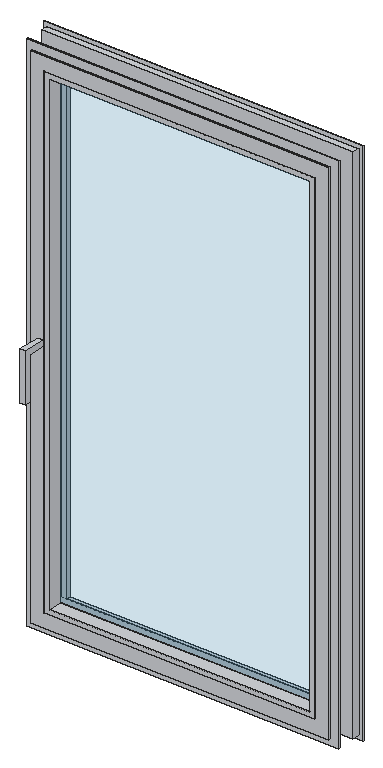
Revit family "C_Reynaers_SL38 Ferro_Window Inward Opening_Single", category Windows, host Wall, Revit 2015
Parameters (values of type "Frame 38.5")
  Youtube clip = ""
  Width INT [instance] = 1000 mm
  Width EXT [instance] = 900 mm
  Weight Net (Kg) = 0
  Wall Exterior Width = 90 mm
  Uniclass 2.0 Description = "Windows"
  Uniclass 2.0 Code = "PR-59-97"
  Uniclass 1.4 Description = "Windows"
  Uniclass 1.4 Code = "JL10"
  URL = "http://www.reynaers.com/architects/products/sl-38"
  UNSPSC Code = "301716"
  Technical description = ""
  Region South America = "None"
  Region Oceania = "None"
  Region North America = "None"
  Region Middle East = "None"
  Region Europe = "AD, AL, AT, AX, BA, BE, BG, BY, CH, CS, CY, CZ, DE, DK, EE, ES, FI, FO, FR, GB, GG, GI, GR, HR, HU, IE, IM, IS, IT, JE, LI, LT, LU, LV, MC, MD, ME, MK, MT, NL, NO, PL, PT, RO, RS, RU, SE, SI, SJ, SK, SM, UA, VA, XK"
  Region Asia = "None"
  Region Antarctica = "None"
  Region Africa = "None"
  REY Website = "www.reynaers.com"
  REY Vent Width = 22 mm + 11.6 mm - 4.5 mm  # 29.1 mm
  REY Vent & Gap = REY Vent Width + REY Gap Width  # 33.6 mm
  REY Sill Height = 35 mm
  REY Sill H = if(REY Sill, REY Sill Height, 0 mm)  # 0 mm
  REY Sill = no
  REY Shutter Roll Material = none
  REY Shutter Roll Height = 200 mm
  REY Shutter Position = if(BE, 0 mm, REY Butt Strip Width)  # 10 mm
  REY Shutter Height = if(REY Shutter, REY Shutter Roll Height, 0 mm)  # 0 mm
  REY Shutter Depth = if(REY Shutter, 59 mm, 0 mm)  # 0 mm
  REY Shutter = no
  REY Rebate TOP B = if(BE, REY Rebate, 0 mm)  # 0 mm
  REY Rebate TOP A = if(NL, REY Rebate, 0 mm)  # 10 mm
  REY Rebate B = if(BE, REY Rebate, 0 mm)  # 0 mm
  REY Rebate A = if(NL, REY Rebate, 0 mm)  # 10 mm
  REY Rebate = 10 mm  # constant formula
  REY Profile Rebate = 25 mm
  REY Profile Color OUT [instance] = none
  REY Profile Color IN [instance] = none
  REY Panel Tickness [instance] = 24 mm
  REY Panel Material [instance] = Glass
  REY Panel Height [instance] = 1368.002 mm
  REY Panel Coverage = 13.601 mm
  REY Panel 1 Width [instance] = 763.002 mm
  REY Panel 1 Opening Direction Turn DIN R [instance] = yes
  REY Panel 1 Opening Direction Turn DIN L [instance] = no
  REY Panel 1 Opening Direction Tilt [instance] = yes
  REY Offset Wall Ext Int B = if(BE, REY Offset Wall Ext Int, 50 mm)  # 50 mm
  REY Offset Wall Ext Int A = if(NL, REY Offset Wall Ext Int, 0 mm)  # 0 mm
  REY Offset Wall Ext Int = 0 mm  # constant formula
  REY Joint Width B = if(BE, REY Joint Width, 0 mm)  # 0 mm
  REY Joint Width A = if(NL, REY Joint Width, 0 mm)  # 50 mm
  REY Joint Width = 50 mm  # constant formula
  REY Joint Bottom = 5 mm
  REY Gap Width = 4.5 mm
  REY Frame Width = 38.5 mm
  REY Fixation Bottom = 33 mm
  REY FERRO [instance] = yes
  REY Element Width [instance] = 900 mm
  REY Element Height [instance] = 1495 mm
  REY Design = 0 mm  # constant formula
  REY CUBIC [instance] = no
  REY Butt Strip Width = 10 mm
  REY Built-In Depth = 85.9 mm
  QR code = "http://bimobject.com/reynaers/product/Reynaers_window_Slim_Line_38"
  Product group = "Windows Aluminium"
  Product family = "Windows & Doors"
  Product data url = "https://bimobject.com/reynaers/product/Reynaers_window_Slim_Line_38"
  Product certification = ""
  Product SKU = "Reynaers_window_Slim_Line_38"
  Product Guid = "e351ed82-0458-4031-8220-8276baccd360"
  OmniClass Description = ""
  OmniClass Code = ""
  Nominal width = 0
  Nominal height = 0
  NL = yes
  NBS Reference Description = "Windows"
  NBS Reference Code = "59-97"
  Material secondary = "Aluminium"
  Material main = "Aluminium"
  Manufacturer name = "Reynaers"
  Manufacturer country = "Belgium"
  Manufacturer = "Reynaers"
  Installation instructions = ""
  IFC Classification = "Window"
  Height INT [instance] = 1578 mm
  Height EXT [instance] = 1500 mm
  Height [instance] = Height EXT  # 1500 mm
  Edition number = 1
  EAN code = ""
  Design country = "Belgium"
  Default Sill Height = 800 mm
  Wall Closure = By host
  Width [instance] = Width EXT  # 900 mm
  Date of publishing = "2015-11-19"
  COBIe Type Category = ""
  BIMobject category = "Windows"
  BE = no
  Analytic Construction = "<None>"
Reference planes
  plane 1 "Center (Front/Back)": y = 0
  plane 2 "Center (Left/Right)": x = 0
  plane 3 "REY L EXT": x = -450
  plane 4 "REY R EXT": x = 450
  plane 5 "Sill": z = 800
  plane 6 "REY Top EXT": z = 2300
  plane 7 "Exterior": y = 150
  plane 8 "Interior": y = -150
  plane 9 "REY Profile L": x = -440
  plane 10 "REY Profile Temp": x = -450
  plane 11 "REY L INT Temp": x = -500
  plane 12 "Wall Exterior Width": y = 60
  plane 13 "REY L INT": x = -500
  plane 14 "REY R INT Temp": x = 500
  plane 15 "REY R INT": x = 500
  plane 16 "REY Top INT": z = 2350
  plane 17 "REY Top INT Temp": z = 2350
  plane 18 "REY Sill Bottom": z = 805
  plane 19 "REY Profile Bottom": z = 805
  plane 20 "REY Bottom INT": z = 772
  plane 21 "REY Shutter TOP": z = 2350
  plane 22 "REY Profile TOP": z = 2290
  plane 23 "REY Profile TOP Temp": z = 2300
  plane 24 "REY Profile Joint Temp": y = 60
  plane 25 "REY Profile Joint": y = 110
  plane 26 "REY Built-In-Depth": y = 24.1
  plane 27 "REY Frame L": x = -401.5
  plane 28 "REY Gap L": x = -397
  plane 29 "REY Vent L": x = -367.9
  plane 30 "REY Panel L": x = -381.501
  plane 31 "REY Profile A Rebate": x = -465
  plane 32 "REY Shutter": y = 110
  plane 33 "REY Profile Design": y = 110
  plane 34 "REY Panel OUT": y = 86
  plane 35 "REY Panel IN": y = 62
  plane 36 "REY Gap Bottom": z = 848
  plane 37 "REY Frame Bottom": z = 843.5
  plane 38 "REY Vent Bottom": z = 877.1
  plane 39 "REY Profile R": x = 440
  plane 40 "REY Panel Bottom": z = 863.499
  plane 41 "Mid Window": z = 1552.5
  plane 42 "REY Panel TOP": z = 2231.501
  plane 43 "REY Gap TOP": z = 2247
  plane 44 "REY Frame TOP": z = 2251.5
  plane 45 "REY Vent TOP": z = 2217.9
  plane 46 "REY Shutter Position L": x = -450
  plane 47 "REY Shutter Position R": x = 450
  plane 48 "REY A Butt-Strip": x = -450
  plane 49 "REY Shutter Position TOP": z = 2300
  plane 50 "REY Frame R": x = 401.5
  plane 51 "REY GAP R": x = 397
  plane 52 "REY Vent R": x = 367.9
  plane 53 "REY Panel R": x = 381.501
  plane 54 "REY MID 1/2": x = 0
  plane 55 "REY Profil Design Step 1": y = 97
  plane 56 "REY Profil Design Step 2": y = 86
  plane 57: x = -419
  plane 58: x = -367
  plane 59 "REY Panel MID": y = 74
Forms (mm)
  Extrusion 1, void
    sketch origin (0, 0, 800) x (0, -1, 0) y (1, 0, 0)
      loop
        line (-150, -450) -> (-60, -450) -> (-60, 450) -> (-150, 450) -> (-150, -450)
    from 0 to 1500
  Extrusion 2, void
    sketch origin (0, 0, 800) x (0, -1, 0) y (1, 0, 0)
      loop
        line (-60, -500) -> (150, -500) -> (150, 500) -> (-60, 500) -> (-60, -500)
    from -28 to 1550
  Sweep 3, solid, material <- "REY Profile Color OUT", visible <- "REY CUBIC"
    path origin (0, 110, 0) x (-1, 0, 0) y (0, 0, 1)
      loop
        line (-367.9, 877.1) -> (367.9, 877.1) -> (367.9, 2217.9) -> (-367.9, 2217.9) -> (-367.9, 877.1)
    profile origin (-367.9, 110, 1547.5) x (0, 1, 0) y (-1, 0, 0)
      loop
        line (-24, 0) -> (-13, 0) -> (-13, 18.621) -> (-10.5, 21.6) -> (-13, 21.6) -> (-13, 29.1) -> (-24, 29.1) -> (-24, 0)
  Sweep 4, solid, material <- "REY Profile Color IN"
    path origin (0, 24.1, 0) x (-1, 0, 0) y (0, 0, 1)
      loop
        line (367.9, 877.1) -> (367.9, 2217.9) -> (-367.9, 2217.9) -> (-367.9, 877.1) -> (367.9, 877.1)
    profile origin (-367.9, 24.1, 1547.5) x (1, 0, 0) y (0, 1, 0)
      loop
        line (-52.6, 4) -> (-52.6, 0) -> (-15, 0) -> (-15, 4) -> (-52.6, 4)
      loop
        line (-14, 37.9) -> (-14, 0) -> (0, 0) -> (0, 37.9) -> (-14, 37.9)
  Extrusion 5, solid, material "Glass" <- "REY Panel Material"
    sketch origin (0, 0, 863.499) x (0, 1, 0) y (-1, 0, 0)
      loop
        line (62, 381.501) -> (62, -381.501) -> (86, -381.501) -> (86, 381.501) -> (62, 381.501)
    from 13.601 to 1354.401
  Extrusion 6, solid, material <- "REY Profile Color OUT", visible <- "REY Shutter"
    sketch origin (0, 0, 800) x (0, -1, 0) y (1, 0, 0)
      loop
        line (-110, 450) -> (-169, 450) -> (-169, 421.665) -> (-164.8, 421.665) -> (-164.8, 448.165) -> (-146.8, 448.165) -> (-146.8, 421.665) -> (-110, 421.665) -> (-110, 450)
    from 0 to 1490
  Extrusion 7, solid, material <- "REY Profile Color IN", visible <- "REY Sill"
    sketch origin (440, 0, 0) x (0, 1, 0) y (0, 0, -1)
      loop
        line (110, -805) -> (110, -781) -> (58.3, -781) -> (58.3, -775) -> (110, -773) -> (110, -770) -> (34.1, -770) -> (34.1, -805) -> (110, -805)
    from 0 to 880
  Sweep 8, solid, material <- "REY Profile Color OUT", visible <- "NL"
    path origin (0, 110, 0) x (-1, 0, 0) y (0, 0, 1)
      loop
        line (440, 805) -> (440, 2290) -> (-440, 2290) -> (-440, 805) -> (440, 805)
    profile origin (-440, 110, 1547.5) x (1, 0, 0) y (0, 1, 0)
      loop
        line (0, 0) -> (-10, 0) -> (-10, -3.8) -> (0, -3.8) -> (0, 0)
  Extrusion 9, solid, material <- "REY Profile Color OUT", visible <- "REY Shutter"
    sketch origin (440, 0, 0) x (0, 1, 0) y (0, 0, -1)
      loop
        line (110, -2283.8) -> (110, -2285.4) -> (131.9, -2285.4)
        arc (131.9, -2285.4) -> (134.728, -2286.572) -> (135.9, -2289.4) r 4
        line (135.9, -2289.4) -> (135.9, -2316.4)
        arc (135.9, -2316.4) -> (132.707, -2324.107) -> (125, -2327.3) r 10.9
        line (125, -2327.3) -> (125, -2328.9)
        arc (125, -2328.9) -> (133.839, -2325.239) -> (137.5, -2316.4) r 12.5
        line (137.5, -2316.4) -> (137.5, -2289.4)
        arc (137.5, -2289.4) -> (135.86, -2285.44) -> (131.9, -2283.8) r 5.6
        line (131.9, -2283.8) -> (110, -2283.8)
    from 0 to 880
  Extrusion 10, solid, material <- "REY Shutter Roll Material", visible <- "REY Shutter"
    sketch origin (440, 0, 0) x (0, 1, 0) y (0, 0, -1)
      loop
        line (60, -2350) -> (-150, -2350) -> (-150, -2360) -> (60, -2360) -> (60, -2350)
    from -60 to 940
  Extrusion 11, solid, material <- "REY Profile Color OUT", visible <- "REY Shutter"
    sketch origin (0, 0, 800) x (0, -1, 0) y (1, 0, 0)
      loop
        line (-110, -450) -> (-110, -421.665) -> (-146.8, -421.665) -> (-146.8, -448.165) -> (-164.8, -448.165) -> (-164.8, -421.665) -> (-169, -421.665) -> (-169, -450) -> (-110, -450)
    from 0 to 1500
  Sweep 12, solid, material <- "REY Profile Color OUT"
    path origin (0, 110, 0) x (-1, 0, 0) y (0, 0, 1)
      loop
        line (-440, 2290) -> (-440, 805) -> (440, 805) -> (440, 2290) -> (-440, 2290)
    profile origin (-440, 110, 1547.5) x (0, 1, 0) y (-1, 0, 0)
      loop
        line (0, 0) -> (-24, 0) -> (-24, -38.5) -> (0, -38.5) -> (0, 0)
  Sweep 13, solid, material <- "REY Profile Color IN"
    path origin (0, 24.1, 0) x (-1, 0, 0) y (0, 0, 1)
      loop
        line (440, 805) -> (440, 2290) -> (-440, 2290) -> (-440, 805) -> (440, 805)
    profile origin (-440, 24.1, 1547.5) x (0, 1, 0) y (-1, 0, 0)
      loop
        line (14, 0) -> (10, 0) -> (10, -24.5) -> (14, -24.5) -> (14, 0)
  Sweep 14, solid, visible <- "REY FERRO"
    path origin (0, 110, 0) x (-1, 0, 0) y (0, 0, 1)
      loop
        line (367.9, 877.1) -> (367.9, 2217.9) -> (-367.9, 2217.9) -> (-367.9, 877.1) -> (367.9, 877.1)
    profile origin (-367.9, 110, 1547.5) x (1, 0, 0) y (0, 1, 0)
      loop
        line (0, -24) -> (0, -13) -> (-16.6, -13) -> (-16.6, 0) -> (-21.6, 0) -> (-21.6, -13) -> (-29.1, -13) -> (-29.1, -24) -> (0, -24)
Lines and regions (mm)
  symbolic lines, style "Windows"
    curve 1: line (-401.5, 110, 800) -> (-440, 110, 800)
    curve 2: line (-401.5, 86, 800) -> (-401.5, 110, 800)
    curve 3: line (-415.5, 86, 800) -> (-415.5, 34.1, 800)
    curve 4: line (-401.5, 86, 800) -> (-415.5, 86, 800)
    curve 5: line (-415.5, 34.1, 800) -> (-440, 34.1, 800)
    curve 6: line (-367.9, 24.1, 800) -> (-420.5, 24.1, 800)
    curve 7: line (-420.5, 24.1, 800) -> (-420.5, 28.1, 800)
    curve 8: line (-420.5, 28.1, 800) -> (-402.885, 28.1, 800)
    curve 9: line (-402.885, 28.1, 800) -> (-397, 28.1, 800)
    curve 10: line (440, 110, 800) -> (440, 34.1, 800)
    curve 11: line (440, 34.1, 800) -> (415.5, 34.1, 800)
    curve 12: line (415.5, 34.1, 800) -> (415.5, 86, 800)
    curve 13: line (420.5, 24.1, 800) -> (367.9, 24.1, 800)
    curve 14: line (420.5, 28.1, 800) -> (420.5, 24.1, 800)
    curve 15: line (402.5, 28.1, 800) -> (420.5, 28.1, 800)
    curve 16: line (-367.9, 97, 800) -> (-367.9, 24.1, 800)
    curve 39: line (-440, 34.1, 800) -> (-440, 110, 800)
    curve 40: line (-367.9, 86, 800) -> (367.9, 86, 800)
    curve 41: line (401.5, 86, 800) -> (401.5, 110, 800)
    curve 42: line (401.5, 86, 800) -> (415.5, 86, 800)
    curve 43: line (397, 28.1, 800) -> (402.5, 28.1, 800)
    curve 49: line (401.5, 110, 800) -> (440, 110, 800)
    curve 54: line (367.9, 62, 800) -> (-367.9, 62, 800)
    curve 55: line (367.9, 24.1, 863.499) -> (367.9, 97, 863.499)
    curve 56: line (397, 28.1, 863.499) -> (397, 97, 863.499)
    curve 57: line (397, 97, 843.5) -> (367.9, 97, 843.5)
    curve 58: line (-367.9, 97, 843.5) -> (-397, 97, 843.5)
    curve 59: line (440, 34.1, 2300) -> (440, 110, 2300)
    curve 60: line (440, 110, 2300) -> (440, 110, 2251.5)
    curve 61: line (440, 34.1, 2300) -> (440, 34.1, 2276)
    curve 62: line (440, 34.1, 2276) -> (440, 86, 2276)
    curve 63: line (440, 86, 2276) -> (440, 86, 2251.5)
    curve 64: line (440, 86, 2251.5) -> (440, 110, 2251.5)
    curve 65: line (440, 24.1, 2305.399) -> (440, 24.1, 2217.9)
    curve 66: line (440, 24.1, 2217.9) -> (440, 97, 2217.5)
    curve 67: line (440, 97, 2217.5) -> (440, 97, 2247)
    curve 68: line (440, 97, 2247) -> (440, 84, 2247)
    curve 69: line (440, 84, 2247) -> (440, 84, 2265)
    curve 70: line (440, 84, 2265) -> (440, 28.1, 2265)
    curve 71: line (440, 28.1, 2265) -> (440, 28.1, 2305.399)
    curve 72: line (440, 28.1, 2305.399) -> (440, 24.1, 2305.399)
    curve 73: line (440, 34.1, 805) -> (440, 110, 805)
    curve 74: line (440, 110, 805) -> (440, 110, 843.5)
    curve 75: line (440, 34.1, 805) -> (440, 34.1, 830)
    curve 76: line (440, 34.1, 830) -> (440, 86, 830)
    curve 77: line (440, 86, 830) -> (440, 86, 843.5)
    curve 78: line (440, 86, 843.5) -> (440, 110, 843.5)
    curve 79: line (440, 24.1, 824) -> (440, 24.1, 877.1)
    curve 80: line (440, 24.1, 877.1) -> (440, 97, 877.1)
    curve 81: line (440, 97, 877.1) -> (440, 97, 870.628)
    curve 82: line (440, 97, 858) -> (440, 97, 848)
    curve 83: line (440, 97, 848) -> (440, 84, 848)
    curve 84: line (440, 84, 848) -> (440, 84, 842)
    curve 85: line (440, 84, 842) -> (440, 28.1, 842)
    curve 86: line (440, 28.1, 842) -> (440, 28.1, 824)
    curve 87: line (440, 28.1, 824) -> (440, 24.1, 824)
    curve 88: line (440, 97, 870.628) -> (440, 97, 858)
    curve 89: line (0, 62, 877.1) -> (0, 62, 2217.9)
    curve 90: line (0, 86, 2217.9) -> (0, 86, 877.1)
    curve 91: line (-397, 97, 800) -> (-397, 28.1, 800)
  symbolic lines, style "Windows", not visible
    curve 17: line (440, 143, 800) -> (440, 110, 800)
  symbolic lines, style "Windows", visible <- "NL"
    curve 18: line (440, 34.1, 0) -> (440, 60, 0)
  symbolic lines, style "REY Draaisymbool Aanzicht Binnen", visible <- "REY Panel 1 Opening Direction Turn DIN R", detail levels medium+fine
    curve 19: line (372.9, 24.1, 2217.9) -> (-367.9, 24.1, 1552.5)
    curve 20: line (-367.9, 24.1, 1552.5) -> (372.9, 24.1, 877.1)
  symbolic lines, style "REY Draaisymbool Aanzicht Binnen", visible <- "REY Panel 1 Opening Direction Tilt", detail levels medium+fine
    curve 21: line (372.9, 24.1, 877.1) -> (0, 24.1, 2217.9)
    curve 53: line (0, 24.1, 2217.9) -> (-367.9, 24.1, 877.1)
  symbolic lines
    curve 22: line (-450, 150, 0) -> (450, 150, 0)
    curve 23: line (500, -150, 0) -> (-500, -150, 0)
  symbolic lines, style "Windows", visible <- "REY Shutter"
    curve 24: line (-440, 169, 800) -> (-421.665, 169, 800)
    curve 25: line (-421.665, 169, 800) -> (-421.665, 164.8, 800)
    curve 26: line (-421.665, 164.8, 800) -> (-448.165, 164.8, 800)
    curve 27: line (-448.165, 164.8, 800) -> (-448.165, 146.8, 800)
    curve 28: line (-448.165, 146.8, 800) -> (-421.665, 146.8, 800)
    curve 29: line (-421.665, 146.8, 800) -> (-421.665, 110, 800)
    curve 30: line (-440, 34.1, 800) -> (-440, 169, 800)
    curve 31: line (421.665, 169, 800) -> (440, 169, 800)
    curve 32: line (421.665, 164.8, 800) -> (421.665, 169, 800)
    curve 33: line (448.165, 164.8, 800) -> (421.665, 164.8, 800)
    curve 34: line (448.165, 146.8, 800) -> (448.165, 164.8, 800)
    curve 35: line (421.665, 146.8, 800) -> (448.165, 146.8, 800)
    curve 36: line (421.665, 110, 800) -> (421.665, 146.8, 800)
    curve 37: line (440, 110, 800) -> (421.665, 110, 800)
    curve 38: line (440, 169, 800) -> (440, 110, 800)
  symbolic lines, style "REY Draaisymbool Aanzicht Binnen", visible <- "REY Panel 1 Opening Direction Turn DIN L"
    curve 44: line (-367.9, 24.1, 2217.9) -> (367.9, 24.1, 1552.5)
    curve 45: line (367.9, 24.1, 1552.5) -> (-366.242, 24.1, 880.243)
  symbolic lines, style "Windows", visible <- "REY Panel 1 Opening Direction Turn DIN L"
    curve 46: line (394, -40.9, 800) -> (394, 24.1, 800)
    curve 47: line (379, 24.1, 800) -> (379, -40.9, 800)
    curve 48: line (379, -40.9, 800) -> (394, -40.9, 800)
  symbolic lines, style "Windows", visible <- "REY Panel 1 Opening Direction Turn DIN R"
    curve 50: line (-383.784, -40.9, 800) -> (-383.784, 24.1, 800)
    curve 51: line (-398.784, 24.1, 800) -> (-398.784, -40.9, 800)
    curve 52: line (-398.784, -40.9, 800) -> (-383.784, -40.9, 800)
  symbolic lines, style "Windows", visible <- "REY CUBIC"
    curve 92: line (-386.521, 97, 800) -> (-389.5, 99.5, 800)
    curve 93: line (389.5, 97, 800) -> (389.5, 99.5, 800)
    curve 94: line (389.5, 99.5, 800) -> (386.521, 97, 800)
    curve 95: line (0, 97, 855.1) -> (0, 99.5, 855.1)
    curve 96: line (0, 99.5, 855.1) -> (0, 97, 858.079)
    curve 97: line (0, 97, 2239.9) -> (0, 99.5, 2239.9)
    curve 98: line (0, 99.5, 2239.9) -> (0, 97, 2236.921)
  symbolic lines, style "Windows", visible <- "REY FERRO"
    curve 99: line (-384.5, 97, 800) -> (-384.5, 110, 800)
    curve 100: line (-384.5, 110, 800) -> (-389.5, 110, 800)
    curve 101: line (-389.5, 110, 800) -> (-389.5, 97, 800)
    curve 102: line (389.5, 97, 800) -> (389.5, 110, 800)
    curve 103: line (389.5, 110, 800) -> (384.5, 110, 800)
    curve 104: line (384.5, 110, 800) -> (384.5, 97, 800)
    curve 105: line (0, 97, 860.1) -> (0, 60, 860.1)
    curve 106: line (0, 60, 860.1) -> (0, 60, 855.1)
    curve 107: line (0, 60, 855.1) -> (0, 97, 855.1)
    curve 108: line (0, 97, 2234.9) -> (0, 60, 2234.9)
    curve 109: line (0, 60, 2234.9) -> (0, 60, 2239.9)
    curve 110: line (0, 60, 2239.9) -> (0, 97, 2239.9)
Text (mm)
  text "EXTERIOR" at (-1963.203, 1332.353, 0), in view "Ref. Level"
  text "INTERIOR" at (-1981.466, -818.386, 0), in view "Ref. Level"
  text "Exterior" at (0, 923.751, 2943.296), in view "Right"
  text "Exterior" at (0, 1040.484, 2685.409), in view "Left"
  text "EXT" at (0, 709.313, 2863.072), in view "Section 1"
Dimensions and locks
  equal spacing: plane 3 "REY L EXT", plane 2 "Center (Left/Right)", plane 4 "REY R EXT"
  "Width": plane 3 "REY L EXT" to plane 4 "REY R EXT"
  "Height": plane 5 "Sill" to plane 6 "REY Top EXT"
  "Default Sill Height": plane 5 "Sill" to level
  locked: plane 7 "Exterior" to host wall at 0
  locked: plane 8 "Interior" to host wall
  "Wall Exterior Width": plane 7 "Exterior" to plane 12 "Wall Exterior Width"
  "REY Rebate B": plane 10 "REY Profile Temp" to plane 3 "REY L EXT"
  "REY Rebate A": plane 10 "REY Profile Temp" to plane 9 "REY Profile L"
  "REY Offset Wall Ext Int B": plane 4 "REY R EXT" to plane 14 "REY R INT Temp"
  "REY Offset Wall Ext Int B": plane 11 "REY L INT Temp" to plane 3 "REY L EXT"
  "REY Offset Wall Ext Int A": plane 11 "REY L INT Temp" to plane 13 "REY L INT"
  "REY Offset Wall Ext Int A": plane 15 "REY R INT" to plane 14 "REY R INT Temp"
  "REY Offset Wall Ext Int A": plane 16 "REY Top INT" to plane 17 "REY Top INT Temp"
  "REY Offset Wall Ext Int B": plane 6 "REY Top EXT" to plane 17 "REY Top INT Temp"
  "Width INT": plane 13 "REY L INT" to plane 15 "REY R INT"
  "REY Joint Bottom": plane 5 "Sill" to plane 18 "REY Sill Bottom"
  "REY Sill H": plane 18 "REY Sill Bottom" to plane 19 "REY Profile Bottom"
  "REY Fixation Bottom": plane 18 "REY Sill Bottom" to plane 20 "REY Bottom INT"
  "REY Shutter Height": plane 21 "REY Shutter TOP" to plane 16 "REY Top INT"
  "REY Rebate TOP B": plane 23 "REY Profile TOP Temp" to plane 6 "REY Top EXT"
  "REY Rebate TOP A": plane 23 "REY Profile TOP Temp" to plane 22 "REY Profile TOP"
  "REY Joint Width A": plane 25 "REY Profile Joint" to plane 24 "REY Profile Joint Temp"
  "REY Joint Width B": plane 12 "Wall Exterior Width" to plane 24 "REY Profile Joint Temp"
  "REY Built-In Depth": plane 33 "REY Profile Design" to plane 26 "REY Built-In-Depth"
  "REY Frame Width": plane 9 "REY Profile L" to plane 27 "REY Frame L"
  "REY Gap Width": plane 27 "REY Frame L" to plane 28 "REY Gap L"
  "REY Vent Width": plane 28 "REY Gap L" to plane 29 "REY Vent L"
  "REY Profile Rebate": plane 31 "REY Profile A Rebate" to plane 9 "REY Profile L"
  "REY Panel Coverage": plane 30 "REY Panel L" to plane 29 "REY Vent L"
  "REY Design": plane 32 "REY Shutter" to plane 33 "REY Profile Design"
  "REY Shutter Depth": plane 25 "REY Profile Joint" to plane 32 "REY Shutter"
  locked: plane 33 "REY Profile Design" to plane 34 "REY Panel OUT" at 24
  "REY Panel Tickness": plane 34 "REY Panel OUT" to plane 35 "REY Panel IN"
  "REY Frame Width": plane 37 "REY Frame Bottom" to plane 19 "REY Profile Bottom"
  "REY Gap Width": plane 36 "REY Gap Bottom" to plane 37 "REY Frame Bottom"
  "REY Vent Width": plane 38 "REY Vent Bottom" to plane 36 "REY Gap Bottom"
  equal spacing: plane 9 "REY Profile L", plane 2 "Center (Left/Right)", plane 39 "REY Profile R"
  Sweep 4 sketch curve to Sweep 4 sketch curve = 14 mm
  Sweep 4 sketch curve to Sweep 4 sketch curve = 1 mm
  Sweep 4 to Sweep 4 = 14 mm
  Sweep 4 to Sweep 4 = 1 mm
  "REY Panel Coverage": plane 38 "REY Vent Bottom" to plane 40 "REY Panel Bottom"
  "REY Vent Width": plane 45 "REY Vent TOP" to plane 43 "REY Gap TOP"
  "REY Gap Width": plane 43 "REY Gap TOP" to plane 44 "REY Frame TOP"
  "REY Panel Coverage": plane 45 "REY Vent TOP" to plane 42 "REY Panel TOP"
  "REY Shutter Position": plane 46 "REY Shutter Position L" to plane 9 "REY Profile L"
  "REY Shutter Position": plane 39 "REY Profile R" to plane 47 "REY Shutter Position R"
  Extrusion 6 sketch curve to Extrusion 6 sketch curve to Extrusion 6 sketch curve = 18 mm locked, 4.2 mm locked
  locked: Extrusion 6 sketch curve to Extrusion 6 sketch curve at 1.835
  locked: Extrusion 6 sketch curve to Extrusion 6 sketch curve at 28.335
  locked: Extrusion 6 sketch curve to Extrusion 6 sketch curve at 36.8
  locked: Extrusion 7 sketch curve to Extrusion 7 sketch curve at 35
  locked: Extrusion 7 sketch curve to Extrusion 7 sketch curve at 3
  locked: Extrusion 7 sketch curve to Extrusion 7 sketch curve at 11
  locked: Extrusion 7 sketch curve to Extrusion 7 sketch curve at 6
  equal spacing: plane 23 "REY Profile TOP Temp", plane 41 "Mid Window", plane 19 "REY Profile Bottom"
  "REY Butt Strip Width": plane 48 "REY A Butt-Strip" to plane 9 "REY Profile L"
  "REY Shutter Position": plane 49 "REY Shutter Position TOP" to plane 22 "REY Profile TOP"
  "REY Frame Width": plane 44 "REY Frame TOP" to plane 22 "REY Profile TOP"
  locked: Extrusion 9 sketch curve to plane 49 "REY Shutter Position TOP" at 14.6
  locked: Extrusion 9 sketch curve to plane 32 "REY Shutter" at 25.9
  plane 6 "REY Top EXT" to Extrusion 10 = 60 mm
  Extrusion 11 sketch curve to Extrusion 11 sketch curve to Extrusion 11 sketch curve = 18 mm locked, 4.2 mm locked
  locked: Extrusion 11 sketch curve to Extrusion 11 sketch curve at 1.835
  locked: Extrusion 11 sketch curve to Extrusion 11 sketch curve at 28.335
  locked: Extrusion 11 sketch curve to Extrusion 11 sketch curve at 36.8
  "REY Vent Width": plane 52 "REY Vent R" to plane 51 "REY GAP R"
  "REY Gap Width": plane 51 "REY GAP R" to plane 50 "REY Frame R"
  "REY Frame Width": plane 50 "REY Frame R" to plane 39 "REY Profile R"
  "REY Element Height": plane 23 "REY Profile TOP Temp" to plane 19 "REY Profile Bottom"
  "Height INT": plane 21 "REY Shutter TOP" to plane 20 "REY Bottom INT"
  "REY Element Width": plane 46 "REY Shutter Position L" to plane 47 "REY Shutter Position R"
  "REY Panel Height": plane 42 "REY Panel TOP" to plane 40 "REY Panel Bottom"
  "REY Panel Coverage": plane 52 "REY Vent R" to plane 53 "REY Panel R"
  locked: Extrusion 10 to plane 21 "REY Shutter TOP" at 10
  Sweep 13 sketch curve to plane 26 "REY Built-In-Depth" = 10 mm
  Sweep 13 sketch curve to Sweep 13 sketch curve = 4 mm
  locked: Sweep 13 sketch curve to plane 27 "REY Frame L" at 14
  locked: Sweep 4 sketch curve to plane 27 "REY Frame L" at 19
  "REY Panel 1 Width": plane 30 "REY Panel L" to plane 53 "REY Panel R"
  plane 33 "REY Profile Design" to plane 55 "REY Profil Design Step 1" to plane 56 "REY Profil Design Step 2" = 13 mm locked, 11 mm locked
  locked: plane 9 "REY Profile L" to plane 57 at 21
  equal spacing: plane 34 "REY Panel OUT", plane 59 "REY Panel MID", plane 35 "REY Panel IN"
  locked: plane 27 "REY Frame L" to nested 1 at 10.216
  locked: nested 2 to plane 50 "REY Frame R" at 15
  locked: curve 61 to plane 26 "REY Built-In-Depth" at 10
  locked: curve 71 to plane 26 "REY Built-In-Depth" at 4
  locked: plane 49 "REY Shutter Position TOP" to curve 62 at 24
  locked: plane 49 "REY Shutter Position TOP" to curve 70 at 35
  locked: plane 56 "REY Profil Design Step 2" to curve 69 at 2
  locked: curve 68 to plane 44 "REY Frame TOP" at 4.5
  curve 67 to plane 43 "REY Gap TOP" = 29.5 mm
  locked: curve 87 to curve 85 at 18
  locked: curve 86 to plane 26 "REY Built-In-Depth" at 4
  locked: curve 75 to plane 26 "REY Built-In-Depth" at 10
  locked: plane 38 "REY Vent Bottom" to curve 88 at 6.472
  locked: curve 88 to plane 36 "REY Gap Bottom" at 10
  locked: curve 83 to plane 37 "REY Frame Bottom" at 4.5
  locked: curve 76 to plane 19 "REY Profile Bottom" at 25
  locked: curve 85 to plane 19 "REY Profile Bottom" at 37
  plane 56 "REY Profil Design Step 2" to curve 84 = 2 mm
  plane 28 "REY Gap L" to Sweep 3 sketch curve to Sweep 3 sketch curve = 7.5 mm locked, 2.979 mm locked
  plane 28 "REY Gap L" to Sweep 14 sketch curve to Sweep 14 sketch curve = 7.5 mm locked, 5 mm locked
  locked: Extrusion 7 sketch curve to Extrusion 7 sketch curve at 51.7
  locked: Extrusion 9 sketch curve to Extrusion 9 sketch curve at 1.6
  locked: Extrusion 9 sketch curve to Extrusion 9 sketch curve at 45.1
  radius of Extrusion 9 sketch curve = 4 mm
  radius of Extrusion 9 sketch curve = 10.9 mm
  aligned and locked: Extrusion 1 sketch curve to plane 3 "REY L EXT"
  aligned and locked: plane 4 "REY R EXT" to Extrusion 1 sketch curve
  aligned and locked: plane 12 "Wall Exterior Width" to Extrusion 1 sketch curve
  aligned and locked: plane 7 "Exterior" to Extrusion 1 sketch curve
  aligned and locked: Extrusion 1 to plane 6 "REY Top EXT"
  aligned and locked: Extrusion 2 sketch curve to plane 12 "Wall Exterior Width"
  aligned and locked: Extrusion 2 sketch curve to plane 8 "Interior"
  aligned and locked: plane 13 "REY L INT" to Extrusion 2 sketch curve
  aligned and locked: plane 15 "REY R INT" to Extrusion 2 sketch curve
  aligned and locked: Extrusion 2 to plane 20 "REY Bottom INT"
  aligned and locked: plane 21 "REY Shutter TOP" to Extrusion 2
  aligned and locked: Sweep 4 sketch curve to plane 29 "REY Vent L"
  aligned and locked: Sweep 4 sketch curve to plane 35 "REY Panel IN"
  aligned and locked: Extrusion 5 sketch curve to plane 35 "REY Panel IN"
  aligned and locked: plane 34 "REY Panel OUT" to Extrusion 5 sketch curve
  aligned and locked: Extrusion 5 sketch curve to plane 30 "REY Panel L"
  aligned and locked: Extrusion 6 sketch curve to Extrusion 6 sketch curve
  aligned and locked: plane 32 "REY Shutter" to Extrusion 6 sketch curve
  aligned and locked: plane 47 "REY Shutter Position R" to Extrusion 6 sketch curve
  aligned and locked: Extrusion 7 sketch curve to plane 33 "REY Profile Design"  (x2)
  aligned and locked: Extrusion 7 to plane 9 "REY Profile L"
  aligned and locked: Extrusion 7 sketch curve to plane 19 "REY Profile Bottom"
  aligned and locked: plane 9 "REY Profile L" to Sweep 8 sketch curve  (x2)
  aligned and locked: plane 39 "REY Profile R" to Sweep 8 sketch curve
  aligned and locked: plane 19 "REY Profile Bottom" to Sweep 8 sketch curve
  aligned and locked: Sweep 8 sketch curve to plane 48 "REY A Butt-Strip"
  aligned and locked: plane 22 "REY Profile TOP" to Extrusion 6
  aligned and locked: plane 32 "REY Shutter" to Extrusion 9 sketch curve
  aligned and locked: Sweep 8 sketch curve to plane 22 "REY Profile TOP"
  aligned and locked: Extrusion 9 to plane 9 "REY Profile L"
  aligned and locked: Extrusion 10 sketch curve to plane 16 "REY Top INT"
  aligned and locked: plane 12 "Wall Exterior Width" to Extrusion 10 sketch curve
  aligned and locked: Sweep 4 to curve 7
  aligned and locked: curve 10 to Extrusion 7
  aligned and locked: Extrusion 11 sketch curve to plane 32 "REY Shutter"
  aligned and locked: Extrusion 11 sketch curve to plane 46 "REY Shutter Position L"
  aligned and locked: plane 49 "REY Shutter Position TOP" to Extrusion 11
  aligned and locked: Extrusion 11 to curve 24
  aligned and locked: Extrusion 11 to curve 26
  aligned and locked: curve 27 to Extrusion 11
  aligned and locked: curve 28 to Extrusion 11
  aligned and locked: curve 29 to Extrusion 11
  aligned and locked: curve 31 to Extrusion 6
  aligned and locked: curve 32 to Extrusion 6
  aligned and locked: curve 33 to Extrusion 6
  aligned and locked: curve 34 to Extrusion 6
  aligned and locked: curve 35 to Extrusion 6
  aligned and locked: curve 36 to Extrusion 6
  aligned and locked: plane 33 "REY Profile Design" to curve 1
  aligned and locked: Extrusion 11 sketch curve to Extrusion 11 sketch curve
  aligned and locked: curve 25 to Extrusion 11
  aligned and locked: plane 26 "REY Built-In-Depth" to curve 6
  aligned and locked: curve 8 to Sweep 4
  aligned and locked: curve 13 to Sweep 4
  aligned and locked: curve 15 to Sweep 4
  aligned and locked: curve 41 to plane 50 "REY Frame R"
  aligned and locked: nested 1 to plane 26 "REY Built-In-Depth"
  aligned and locked: plane 41 "Mid Window" to nested 1
  aligned and locked: curve 46 to nested 2
  aligned and locked: nested 2 to curve 47
  aligned and locked: curve 48 to nested 2
  aligned and locked: nested 2 to plane 41 "Mid Window"
  aligned and locked: plane 26 "REY Built-In-Depth" to nested 2
  aligned and locked: plane 32 "REY Shutter" to Sweep 8 sketch curve
  aligned and locked: Extrusion 10 to plane 13 "REY L INT"
  aligned and locked: Extrusion 10 to plane 15 "REY R INT"
  aligned and locked: plane 54 "REY MID 1/2" to plane 2 "Center (Left/Right)"
  aligned and locked: Sweep 12 sketch curve to plane 22 "REY Profile TOP"
  aligned and locked: plane 39 "REY Profile R" to Sweep 12 sketch curve
  aligned and locked: plane 19 "REY Profile Bottom" to Sweep 12 sketch curve
  aligned and locked: plane 9 "REY Profile L" to Sweep 12 sketch curve  (x2)
  aligned and locked: Sweep 12 sketch curve to plane 27 "REY Frame L"
  aligned and locked: Sweep 12 sketch curve to plane 33 "REY Profile Design"
  aligned and locked: Sweep 3 sketch curve to plane 29 "REY Vent L"
  aligned and locked: plane 38 "REY Vent Bottom" to Sweep 3 sketch curve
  aligned and locked: Sweep 3 sketch curve to plane 45 "REY Vent TOP"
  aligned and locked: plane 19 "REY Profile Bottom" to Sweep 13 sketch curve
  aligned and locked: plane 9 "REY Profile L" to Sweep 13 sketch curve  (x2)
  aligned and locked: Sweep 13 sketch curve to plane 22 "REY Profile TOP"
  aligned and locked: plane 39 "REY Profile R" to Sweep 13 sketch curve
  aligned and locked: curve 3 to Sweep 13
  aligned and locked: plane 29 "REY Vent L" to Sweep 4 sketch curve
  aligned and locked: plane 45 "REY Vent TOP" to Sweep 4 sketch curve
  aligned and locked: plane 38 "REY Vent Bottom" to Sweep 4 sketch curve
  aligned and locked: curve 12 to Sweep 13
  aligned and locked: nested 1 to curve 51
  aligned and locked: nested 1 to curve 50
  aligned and locked: nested 1 to curve 52
  aligned and locked: curve 54 to Sweep 4
  aligned and locked: curve 49 to plane 33 "REY Profile Design"
  aligned and locked: plane 56 "REY Profil Design Step 2" to Sweep 12 sketch curve
  aligned and locked: plane 34 "REY Panel OUT" to Sweep 3 sketch curve
  aligned and locked: Sweep 3 sketch curve to plane 52 "REY Vent R"
  aligned and locked: plane 52 "REY Vent R" to Sweep 4 sketch curve
  aligned and locked: plane 53 "REY Panel R" to Extrusion 5 sketch curve
  aligned and locked: plane 52 "REY Vent R" to curve 40
  aligned and locked: plane 52 "REY Vent R" to curve 54
  aligned and locked: curve 45 to Sweep 3
  aligned and locked: curve 20 to Sweep 3
  aligned and locked: Sweep 4 to curve 53
  aligned and locked: Extrusion 5 to plane 35 "REY Panel IN"
  aligned and locked: plane 34 "REY Panel OUT" to Extrusion 5
  aligned and locked: Extrusion 5 to plane 45 "REY Vent TOP"
  aligned and locked: plane 55 "REY Profil Design Step 1" to curve 67
  aligned and locked: plane 33 "REY Profile Design" to curve 60
  aligned and locked: plane 49 "REY Shutter Position TOP" to curve 59
  aligned and locked: plane 26 "REY Built-In-Depth" to curve 65
  aligned and locked: curve 64 to plane 44 "REY Frame TOP"
  aligned and locked: plane 56 "REY Profil Design Step 2" to curve 63
  aligned and locked: Extrusion 5 to plane 38 "REY Vent Bottom"
  aligned and locked: curve 79 to plane 26 "REY Built-In-Depth"
  aligned and locked: plane 38 "REY Vent Bottom" to curve 80
  aligned and locked: plane 19 "REY Profile Bottom" to curve 73
  aligned and locked: curve 74 to plane 33 "REY Profile Design"
  aligned and locked: plane 55 "REY Profil Design Step 1" to curve 82
  aligned and locked: Sweep 3 to curve 81
  aligned and locked: plane 28 "REY Gap L" to Sweep 3 sketch curve
  aligned and locked: curve 56 to plane 51 "REY GAP R"
  aligned and locked: plane 29 "REY Vent L" to Sweep 14 sketch curve
  aligned and locked: plane 38 "REY Vent Bottom" to Sweep 14 sketch curve
  aligned and locked: plane 52 "REY Vent R" to Sweep 14 sketch curve
  aligned and locked: plane 45 "REY Vent TOP" to Sweep 14 sketch curve
  aligned and locked: plane 29 "REY Vent L" to curve 40
  aligned and locked: curve 93 to Sweep 3
  aligned and locked: curve 94 to Sweep 3
  aligned and locked: Sweep 14 to curve 104
  aligned and locked: curve 14 to Sweep 4
  aligned and locked: curve 39 to Sweep 12
  aligned and locked: curve 9 to Sweep 4
  aligned and locked: curve 43 to Sweep 4
  aligned and locked: curve 99 to Sweep 14
  aligned and locked: curve 101 to Sweep 14
  aligned and locked: Sweep 14 to curve 100
  aligned and locked: curve 103 to Sweep 14
Automatic sketch dimensions
  Sweep 4 sketch curve to plane 26 "REY Built-In-Depth" = 0 mm  (x2)
  plane 26 "REY Built-In-Depth" to Sweep 4 sketch curve = 4 mm
  Extrusion 7 sketch curve to plane 26 "REY Built-In-Depth" = 10 mm
  Sweep 8 sketch curve to plane 33 "REY Profile Design" = 3.8 mm
  Extrusion 9 sketch curve to Extrusion 9 sketch curve = 0 mm  (x3)
  Extrusion 10 sketch curve to host wall = 0 mm
  Extrusion 10 sketch curve to plane 16 "REY Top INT" = 10 mm
  host wall to curve 23 = 0 mm
  curve 23 to plane 11 "REY L INT Temp" = 0 mm
  curve 22 to host wall = 0 mm
  curve 22 to plane 3 "REY L EXT" = 0 mm
  curve 22 to plane 4 "REY R EXT" = 0 mm
  plane 24 "REY Profile Joint Temp" to curve 18 = 0 mm
  curve 18 to plane 39 "REY Profile R" = 0 mm
  curve 23 to plane 14 "REY R INT Temp" = 0 mm
  curve 18 to host wall = 34.1 mm
  curve 20 to plane 38 "REY Vent Bottom" = 0 mm
  plane 2 "Center (Left/Right)" to curve 21 = 0 mm
  curve 20 to plane 41 "Mid Window" = 0 mm
  curve 45 to plane 41 "Mid Window" = 0 mm
  curve 19 to plane 45 "REY Vent TOP" = 0 mm
  curve 44 to plane 29 "REY Vent L" = 0 mm
  curve 53 to plane 29 "REY Vent L" = 0 mm
  curve 53 to plane 38 "REY Vent Bottom" = 0 mm
  curve 44 to plane 45 "REY Vent TOP" = 0 mm
  curve 21 to plane 52 "REY Vent R" = 5 mm
  curve 19 to plane 52 "REY Vent R" = 5 mm
  plane 29 "REY Vent L" to curve 45 = 1.658 mm
  plane 38 "REY Vent Bottom" to curve 45 = 3.143 mm
  curve 57 to plane 51 "REY GAP R" = 0 mm
  curve 57 to plane 55 "REY Profil Design Step 1" = 0 mm
  curve 58 to plane 28 "REY Gap L" = 0 mm
  curve 57 to plane 53 "REY Panel R" = 13.601 mm
  plane 30 "REY Panel L" to curve 58 = 13.601 mm
  curve 58 to plane 55 "REY Profil Design Step 1" = 0 mm
  Sweep 3 sketch curve to profile plane = 0 mm
  Sweep 3 sketch curve to Sweep 3 sketch curve = 11 mm
  Sweep 3 sketch curve to Sweep 3 sketch curve = 0 mm
  Sweep 3 sketch curve to Sweep 3 sketch curve = 2.5 mm
  curve 55 to plane 26 "REY Built-In-Depth" = 0 mm
  curve 56 to plane 55 "REY Profil Design Step 1" = 0 mm
  curve 55 to plane 52 "REY Vent R" = 0 mm
  curve 55 to plane 55 "REY Profil Design Step 1" = 0 mm
  curve 76 to plane 34 "REY Panel OUT" = 0 mm
  plane 6 "REY Top EXT" to curve 71 = 5.399 mm
  curve 77 to plane 37 "REY Frame Bottom" = 0 mm
  Sweep 14 sketch curve to plane 33 "REY Profile Design" = 0 mm
  Sweep 14 sketch curve to profile plane = 0 mm
  Sweep 14 sketch curve to Sweep 14 sketch curve = 7.5 mm
  Sweep 14 sketch curve to plane 33 "REY Profile Design" = 13 mm
  Sweep 14 sketch curve to Sweep 14 sketch curve = 0 mm
  Sweep 14 sketch curve to Sweep 14 sketch curve = 11 mm
  curve 108 to plane 24 "REY Profile Joint Temp" = 0 mm
  curve 107 to plane 24 "REY Profile Joint Temp" = 0 mm
  curve 98 to plane 55 "REY Profil Design Step 1" = 0 mm
  curve 97 to plane 55 "REY Profil Design Step 1" = 0 mm
  curve 96 to plane 55 "REY Profil Design Step 1" = 0 mm
  curve 95 to plane 55 "REY Profil Design Step 1" = 0 mm
  curve 108 to plane 55 "REY Profil Design Step 1" = 0 mm
  curve 105 to plane 55 "REY Profil Design Step 1" = 0 mm
  curve 90 to plane 34 "REY Panel OUT" = 0 mm
  curve 89 to plane 35 "REY Panel IN" = 0 mm
  curve 90 to plane 38 "REY Vent Bottom" = 0 mm
  curve 89 to plane 38 "REY Vent Bottom" = 0 mm
  plane 45 "REY Vent TOP" to curve 89 = 0 mm
  plane 45 "REY Vent TOP" to curve 90 = 0 mm
  plane 55 "REY Profil Design Step 1" to curve 97 = 2.5 mm
  plane 55 "REY Profil Design Step 1" to curve 96 = 2.5 mm
  curve 105 to plane 40 "REY Panel Bottom" = 3.399 mm
  curve 106 to curve 105 = 5 mm
  curve 108 to plane 42 "REY Panel TOP" = 3.399 mm
  curve 96 to curve 105 = 2.021 mm
  curve 108 to curve 98 = 2.021 mm
  curve 108 to curve 109 = 5 mm
  plane 45 "REY Vent TOP" to curve 66 = 0 mm
  plane 26 "REY Built-In-Depth" to curve 56 = 4 mm
  curve 99 to plane 55 "REY Profil Design Step 1" = 0 mm
  curve 94 to plane 55 "REY Profil Design Step 1" = 0 mm
  curve 101 to plane 55 "REY Profil Design Step 1" = 0 mm
  curve 16 to plane 55 "REY Profil Design Step 1" = 0 mm
  curve 93 to plane 55 "REY Profil Design Step 1" = 0 mm
  curve 91 to plane 28 "REY Gap L" = 0 mm
  curve 91 to plane 55 "REY Profil Design Step 1" = 0 mm
  curve 104 to plane 55 "REY Profil Design Step 1" = 0 mm
  curve 4 to plane 27 "REY Frame L" = 0 mm
  curve 4 to plane 34 "REY Panel OUT" = 0 mm
  curve 12 to plane 34 "REY Panel OUT" = 0 mm
  curve 40 to plane 34 "REY Panel OUT" = 0 mm
  curve 13 to plane 52 "REY Vent R" = 0 mm
  curve 54 to plane 52 "REY Vent R" = 0 mm
  curve 43 to plane 51 "REY GAP R" = 0 mm
  plane 26 "REY Built-In-Depth" to curve 10 = 10 mm
  curve 3 to curve 7 = 6 mm
  curve 17 to host wall = 7 mm
  curve 92 to curve 101 = 2.5 mm
  curve 8 to plane 27 "REY Frame L" = 1.385 mm
  curve 9 to curve 8 = 0 mm
  curve 15 to plane 50 "REY Frame R" = 1 mm
  curve 43 to curve 15 = 0 mm
  curve 92 to plane 55 "REY Profil Design Step 1" = 0 mm
  curve 92 to curve 99 = 2.021 mm
Nested families
  nested 1: "REY Handle Window" at (-391.284, 24.1, 1567.5), REY Handle Color <- "REY Profile Color IN", visible <- "REY Panel 1 Opening Direction Turn DIN R", type "REY Handle Window"
    with REY Handle Color none
  nested 2: "REY Handle Window" at (386.5, 24.1, 1567.5) x (-1, 0, 0) z (0, 0, 1), REY Handle Color <- "REY Profile Color IN", visible <- "REY Panel 1 Opening Direction Turn DIN L", type "REY Handle Window"
    with REY Handle Color none
Definition of nested family "REY Handle Window"
  Parameters
    REY Handle Color [instance] = none
  Reference planes
    plane 1 "Center (Front/Back)": y = 0
    plane 2: z = 0
    plane 3 "Center (Left/Right)": x = 0
  Forms (mm)
    Sweep 1, solid, material <- "REY Handle Color"
      path origin (0, 0, 170) x (0, 1, 0) y (0, 0, 1)
        loop
          line (0, -200) -> (-50, -200) -> (-50, -320)
      profile origin (0, -25, -30) x (0, 0, -1) y (1, 0, 0)
        loop
          line (0, -7.5) -> (0, 7.5) -> (-15, 7.5) -> (-15, -7.5) -> (0, -7.5)
  Dimensions and locks
    Sweep 1 sketch curve to plane 3 "Center (Left/Right)" to Sweep 1 sketch curve = 7.5 mm, 7.5 mm
    Sweep 1 to plane 3 "Center (Left/Right)" to Sweep 1 = 7.5 mm locked, 7.5 mm locked
    aligned and locked: level to plane 2
